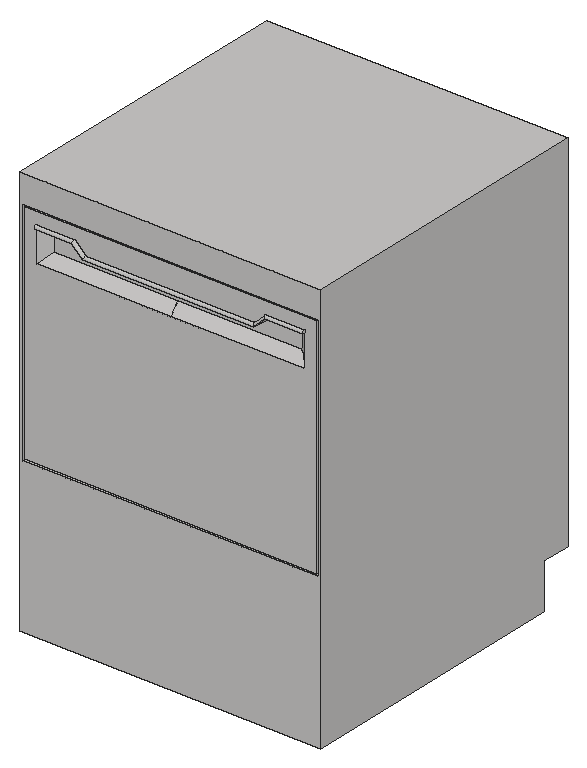
Revit family "QF_ELECTROLUXPROFESSIONAL_502743_DW6-38", category Specialty Equipment, Revit 2018
Family settings
  Round Connector Dimension = Use Diameter
  Part Type = Normal
  Work Plane-Based = No
  Always vertical = Yes
  Cut with Voids When Loaded = No
  Shared = No
  Room Calculation Point = No
Parameters (values of type "Standard")
  Weight = 68.00 kg
  Watts = 0 W
  Volts = 400 V
  URL Manufacturer = "http://professional.electrolux.com"
  URL = "http://professional.electrolux.com"
  Steam Supply Size = 0 mm
  Steam Supply Minimum Pressure = 0.0 Pa
  Steam Supply Maximum Pressure = 0.0 Pa
  Steam Pounds per Hour = 0
  Show Logo [instance] = yes
  Show Clearance [instance] = yes
  Refrigeration Suction Line Size = 0 mm
  Refrigeration Liquid Line Size = 0 mm
  Refrigerant Compressor Remote = yes
  Manufacturer = "Electrolux Professional"
  Phase = 3
  Model = "DW6-38"
  Length Actual = 600 mm  # constant formula
  Item Number = "502743"
  Hot Water Size = 19.05 mm
  Height Actual = 820 mm  # constant formula
  HP = "7.2 HP"
  Gas Size = 0 mm
  Gas KW = 0
  Gas Input Pressure = 0 W
  Direct Waste Size = 20.5 mm
  Description = "UNDERCOUNTER(L), WASH-SAFE, DOUBLE SKIN, 3PH, DP, DD, 720D/H"
  Depth Actual = 615 mm  # constant formula
  Cycle = 50 Hz
  Condensate Return Size = 0 mm
  Compressed Air Volume = 0.0 L/s
  Compressed Air Size = 0 mm
  Compressed Air Pressure = 0.0 Pa
  Cold Water Size = 0 mm
  Accessory = yes
Reference planes
  plane 1 "Center (Front/Back)": y = 0
  plane 2: z = 0
  plane 3 "Center (Left/Right)": x = 0
  plane 4 "LEFT": x = -300
  plane 5 "RIGHT": x = 300
  plane 6 "FRONT": y = -307.5
  plane 7 "BACK": y = 307.5
  plane 8: z = 830
  plane 9: z = 10
  plane 10: y = 268.5
Forms (mm)
  Extrusion 1, solid, material "QF_Finishes_Stainless Steel"
    sketch origin (0, 0, 0) x (1, 0, 0) y (0, 1, 0)
      loop
        line (-300, -307.5) -> (300, -307.5) -> (300, 249.5) -> (-300, 249.5) -> (-300, -307.5)
    from 10 to 830
  Extrusion 2, solid, material "QF_Finishes_Stainless Steel"
    sketch origin (0, 0, 0) x (1, 0, 0) y (0, 1, 0)
      loop
        line (-300, 249.5) -> (300, 249.5) -> (300, 307.5) -> (-300, 307.5) -> (-300, 249.5)
    from 100 to 830
  Extrusion 3, solid, material "QF_Finishes_Stainless Steel"
    sketch origin (0, 0, 0) x (1, 0, 0) y (0, 1, 0)
      loop
        circle (-254, 193.5) r 12.5
      loop
        circle (254, 193.5) r 12.5
      loop
        circle (-254, -237.5) r 12.5
      loop
        circle (254, -237.5) r 12.5
    from 0 to 10
  Extrusion 4, void
    sketch origin (-300, -307.5, 0) x (-1, 0, 0) y (0, 0, 1)
      loop
        line (-5, 773.217) -> (-595, 773.217) -> (-595, 315.188) -> (-5, 315.188) -> (-5, 773.217)
    from 0 to 30
  Extrusion 5, solid, material "QF_Finishes_Stainless Steel"
    sketch origin (-274, -411, 733) x (0, 0, -1) y (1, 0, 0)
      loop
        circle (693, 143) r 10
    from -660.5 to -718.5
  Extrusion 6, solid, material "QF_Door-Drawer Clearances", visible <- "Show Clearance", detail levels coarse
    sketch origin (-230, -282.5, 0) x (0, 1, 0) y (0, 0, -1)
      loop
        line (-25, -319.312) -> (-397, -319.312)
        arc (-397, -319.312) -> (-298.139, -616.581) -> (-25, -770) r 434.302
        line (-25, -770) -> (-25, -319.312)
    from 61.225 to -521.647
  Extrusion 7, solid, material "QF_Finishes_Stainless Steel"
    sketch origin (-331.481, -411, 703) x (0, 0, -1) y (1, 0, 0)
      loop
        circle (663, 252.481) r 8
    from -660.5 to -718.5
  Extrusion 8, solid, material "QF_Finishes_Stainless Steel"
    sketch origin (-230, -282.5, 0) x (0, 1, 0) y (0, 0, -1)
      loop
        line (-25, -319.312) -> (-25, -770) -> (0, -770) -> (0, -319.312) -> (-25, -319.312)
    from 61.225 to -521.647
  Extrusion 9, solid, material "QF_Finishes_Stainless Steel"
    sketch origin (-301, 942.75, 760.5) x (0, -1, 0) y (1, 0, 0)
      loop
        circle (663, 158) r 8
    from -660.5 to -670.5
  Blend 10, void
    base sketch origin (-230, -307.5, 770) x (0, 0, -1) y (1, 0, 0)
      loop
        line (93.563, -37.311) -> (93.563, 230) -> (93.563, 497.311) -> (28.563, 497.311) -> (28.563, 422.311) -> (49.776, 401.098) -> (49.776, 230) -> (49.776, 58.902) -> (28.563, 37.689) -> (28.563, -37.311) -> (93.563, -37.311)
    top sketch origin (-230, -307.5, 770) x (0, 0, -1) y (1, 0, 0)
      loop
        line (73.563, -17.311) -> (73.563, 230) -> (73.563, 477.311) -> (31.063, 477.311) -> (31.063, 422.311) -> (52.276, 401.098) -> (52.276, 58.902) -> (31.063, 37.689) -> (31.063, -17.311) -> (73.563, -17.311)
    from 0 to -19.433
  Sweep 11, solid, material "QF_Finishes_Stainless Steel"
    path origin (-230, -307.5, 770) x (0, 0, -1) y (1, 0, 0)
      loop
        line (28.563, -37.311) -> (28.563, 37.689) -> (49.776, 58.902) -> (49.776, 401.098) -> (28.563, 422.311) -> (28.563, 497.311)
    profile origin (-229.811, -307.5, 741.437) x (0, 0, 1) y (0, -1, 0)
      loop
        line (0, 0) -> (5, 0)
        arc (5, 0) -> (3.536, 3.536) -> (0, 5) r 5
        arc (0, 5) -> (-0.037, 0.962) -> (-0.394, -3.06) r 51.04
        line (-0.394, -3.06) -> (0, 0)
Cuts and joins
  Extrusion 4 cuts Extrusion 1
  joined: Extrusion 1, Extrusion 2
  Blend 10 cuts Extrusion 8
Lines and regions (mm)
  Split face 1
    outline origin (-300, -307.5, 830) x (0, 0, -1) y (1, 0, 0)
      loop
        line (56.783, 5) -> (56.783, 0)
      loop
        line (56.783, 595) -> (56.783, 600)
      loop
        line (37.034, 600) -> (37.034, 514.297)
        arc (37.034, 514.297) -> (37.64, 511.25) -> (39.366, 508.667) r 7.962
        line (39.366, 508.667) -> (44.289, 503.744)
        arc (44.289, 503.744) -> (46.135, 500.982) -> (46.783, 497.723) r 8.515
        line (46.783, 497.723) -> (46.783, 87.277)
        arc (46.783, 87.277) -> (46.135, 84.018) -> (44.289, 81.256) r 8.515
        line (44.289, 81.256) -> (39.366, 76.333)
        arc (39.366, 76.333) -> (37.64, 73.75) -> (37.034, 70.703) r 7.962
        line (37.034, 70.703) -> (37.034, 0)
  Split face 2
    outline origin (-300, -307.5, 830) x (0, 0, -1) y (1, 0, 0)
      loop
        line (13.15, 274.82) -> (37.034, 274.82) -> (37.034, 325.18) -> (13.15, 325.18) -> (13.15, 274.82)
  symbolic lines
    curve 1: line (-300, 307.5, 0) -> (300, 307.5, 0)
    curve 2: line (-300, -307.5, 0) -> (-300, 307.5, 0)
    curve 3: line (300, -307.5, 0) -> (-300, -307.5, 0)
    curve 4: line (300, 307.5, 0) -> (300, -307.5, 0)
  symbolic lines, style "QF_Door-Drawer Clearances"
    curve 5: line (-291.225, -679.5, 0) -> (291.647, -679.5, 0)
    curve 6: line (291.647, -679.5, 0) -> (291.647, -307.5, 0)
    curve 7: line (-291.225, -679.5, 0) -> (-291.225, -307.5, 0)
  symbolic lines, style "SpecialityEquipmentHiddenLines"
    curve 8: line (-300, 249.5, 0) -> (300, 249.5, 0)
Dimensions and locks
  equal spacing: plane 4 "LEFT", plane 3 "Center (Left/Right)", plane 5 "RIGHT"
  equal spacing: plane 7 "BACK", plane 1 "Center (Front/Back)", plane 6 "FRONT"
  plane 7 "BACK" to plane 6 "FRONT" = 615 mm
  plane 4 "LEFT" to plane 5 "RIGHT" = 600 mm
  locked: plane 9 to level at 10
  plane 4 "LEFT" to plane 3 "Center (Left/Right)" = 300 mm
  plane 8 to level = 830 mm  (x2)
  Extrusion 9 sketch curve to plane 4 "LEFT" = 157 mm
  level to Extrusion 5 sketch curve = 40 mm
  Extrusion 5 sketch curve to plane 4 "LEFT" = 169 mm
  Extrusion 7 sketch curve to plane 4 "LEFT" = 221 mm
  level to Extrusion 7 sketch curve = 40 mm
  Extrusion 3 to cut or joined group of Extrusion 1, Extrusion 2, Extrusion 4 = 114 mm
  Extrusion 3 to Extrusion 3 = 431 mm
  plane 6 "FRONT" to Extrusion 3 = 70 mm
  plane 1 "Center (Front/Back)" to plane 6 "FRONT" = 307.5 mm
  locked: plane 7 "BACK" to plane 10 at 39
  plane 7 "BACK" to curve 5 = 987 mm
  Extrusion 8 to cut or joined group of Extrusion 1, Extrusion 2, Extrusion 4 = 454.812 mm
  aligned and locked: level to plane 2
  aligned and locked: Extrusion 1 sketch curve to plane 6 "FRONT"
  aligned and locked: Extrusion 1 sketch curve to plane 4 "LEFT"
  aligned and locked: plane 5 "RIGHT" to Extrusion 1 sketch curve
  aligned and locked: Extrusion 1 to plane 9
  aligned and locked: Extrusion 2 sketch curve to Extrusion 1
  aligned and locked: plane 7 "BACK" to Extrusion 2 sketch curve
  aligned and locked: plane 5 "RIGHT" to Extrusion 2 sketch curve
  aligned and locked: plane 9 to Extrusion 3
Automatic sketch dimensions
  Extrusion 1 sketch curve to plane 10 = 19 mm
  Extrusion 2 sketch curve to plane 10 = 19 mm
  plane 4 "LEFT" to Extrusion 3 sketch curve = 46 mm  (x2)
  Extrusion 3 sketch curve to plane 5 "RIGHT" = 46 mm  (x2)
  plane 6 "FRONT" to Extrusion 3 sketch curve = 70 mm  (x2)
  Extrusion 3 sketch curve to plane 10 = 75 mm  (x2)
  Extrusion 4 sketch curve to Extrusion 1 = 5 mm  (x2)
  Extrusion 4 sketch curve to Extrusion 1 = 305.188 mm
  Extrusion 4 sketch curve to Extrusion 1 = 56.783 mm
  Extrusion 8 sketch curve to plane 6 "FRONT" = 0 mm
  Extrusion 8 sketch curve to Extrusion 8 sketch curve = 25 mm
  Extrusion 8 sketch curve to plane 8 = 60 mm
  plane 9 to Extrusion 8 sketch curve = 309.312 mm
  cut or joined group of Extrusion 1, Extrusion 2, Extrusion 4 to Split face 1 sketch curve = 0 mm  (x2)
  Split face 1 sketch curve to cut or joined group of Extrusion 1, Extrusion 2, Extrusion 4 = 0 mm  (x6)
  cut or joined group of Extrusion 1, Extrusion 2, Extrusion 4 to Split face 1 sketch curve = 10 mm
  Split face 1 sketch curve to Split face 1 sketch curve = 2.494 mm  (x2)
  Split face 1 sketch curve to Split face 1 sketch curve = 8.515 mm  (x2)
  cut or joined group of Extrusion 1, Extrusion 2, Extrusion 4 to Split face 1 sketch curve = 11.786 mm  (x2)
  Split face 1 sketch curve to Split face 1 sketch curve = 5.63 mm  (x2)
  Split face 1 sketch curve to Split face 1 sketch curve = 2.332 mm  (x2)
  Split face 1 sketch curve to cut or joined group of Extrusion 1, Extrusion 2, Extrusion 4 = 65.703 mm
  Split face 1 sketch curve to Split face 1 sketch curve = 4.923 mm  (x2)
  Split face 1 sketch curve to cut or joined group of Extrusion 1, Extrusion 2, Extrusion 4 = 97.277 mm
  Split face 2 sketch curve to cut or joined group of Extrusion 1, Extrusion 2, Extrusion 4 = 13.15 mm
  cut or joined group of Extrusion 1, Extrusion 2, Extrusion 4 to Split face 2 sketch curve = 19.749 mm
  Split face 2 sketch curve to cut or joined group of Extrusion 1, Extrusion 2, Extrusion 4 = 269.82 mm
  Split face 2 sketch curve to Split face 2 sketch curve = 50.359 mm
  curve 1 to plane 4 "LEFT" = 0 mm
  curve 7 to plane 6 "FRONT" = 0 mm
  curve 4 to plane 5 "RIGHT" = 0 mm
  curve 8 to plane 10 = 19 mm
  curve 2 to plane 7 "BACK" = 0 mm
  plane 4 "LEFT" to curve 5 = 8.775 mm
  curve 6 to plane 5 "RIGHT" = 8.353 mm
  Extrusion 6 sketch curve to plane 6 "FRONT" = 0 mm
  plane 6 "FRONT" to Extrusion 6 sketch curve = 61.803 mm
  plane 9 to Extrusion 6 sketch curve = 330.118 mm
  Extrusion 6 sketch curve to Extrusion 6 sketch curve = 20.806 mm
  Extrusion 6 sketch curve to plane 6 "FRONT" = 372 mm
  Blend 10 sketch curve to Extrusion 8 = 28.563 mm  (x2)
  Blend 10 sketch curve to Extrusion 8 = 49.776 mm
  Blend 10 sketch curve to Blend 10 sketch curve = 65 mm
  Extrusion 8 to Blend 10 sketch curve = 23.913 mm
  Blend 10 sketch curve to Blend 10 sketch curve = 75 mm  (x2)
  Blend 10 sketch curve to Blend 10 sketch curve = 21.213 mm  (x5)
  Blend 10 sketch curve to Blend 10 sketch curve = 171.098 mm  (x2)
  Blend 10 sketch curve to Blend 10 sketch curve = 0 mm
  Extrusion 8 to Blend 10 sketch curve = 120.549 mm
  Extrusion 8 to Blend 10 sketch curve = 99.335 mm
  Extrusion 8 to Blend 10 sketch curve = 43.913 mm
  Blend 10 sketch curve to Blend 10 sketch curve = 42.5 mm
  Extrusion 8 to Blend 10 sketch curve = 44.335 mm
  Blend 10 sketch curve to Blend 10 sketch curve = 55 mm  (x2)
  Blend 10 sketch curve to Extrusion 8 = 31.063 mm
  Extrusion 8 to Sweep 11 sketch curve = 98.913 mm
  Sweep 11 sketch curve to Sweep 11 sketch curve = 21.213 mm  (x4)
  Extrusion 8 to Sweep 11 sketch curve = 23.913 mm
  Sweep 11 sketch curve to Extrusion 8 = 28.563 mm
  Extrusion 8 to Sweep 11 sketch curve = 99.335 mm
  Extrusion 8 to Sweep 11 sketch curve = 24.335 mm
  profile plane to Sweep 11 sketch curve = 0 mm  (x2)
  Sweep 11 sketch curve to profile plane = 0 mm
  profile plane to Sweep 11 sketch curve = 3.452 mm
  Sweep 11 sketch curve to Sweep 11 sketch curve = 5 mm
  profile plane to Sweep 11 sketch curve = 0.394 mm
  Sweep 11 sketch curve to profile plane = 3.06 mm
  plane 10 to Extrusion 9 sketch curve = 11.25 mm
  radius of Extrusion 3 sketch curve = 12.5 mm  (x4)
  radius of Extrusion 5 sketch curve = 10 mm
  radius of Extrusion 7 sketch curve = 8 mm
  radius of Extrusion 9 sketch curve = 8 mm
Connectors
  piping at (-131, 307.5, 40), diameter 20
    settings: on Extrusion 5, index 1, connector inside diameter 609.6 mm, connector length 0 mm, flow factor 0, pipe flow 0.0 L/s, pressure drop 0.0 Pa, fitting loss kfactor 0, connector angle 0.00°, fixture units 0, engagement length 0 mm, angle of deflection 0.00°, flow configuration 1, flow direction 1, fitting loss method 0, system type 16, joint type 0, gender type 0, connector reference index -1, connector utility 0, adjustable connector no, is connector primary yes, connector description "Drain"
  piping at (-79, 307.5, 40), diameter 16
    settings: on Extrusion 7, index 3, connector inside diameter 609.6 mm, connector length 0 mm, flow factor 0, pipe flow 0.0 L/s, pressure drop 0.0 Pa, fitting loss kfactor 0, connector angle 0.00°, fixture units 0, engagement length 0 mm, angle of deflection 0.00°, flow configuration 1, flow direction 1, fitting loss method 0, system type 20, joint type 0, gender type 0, connector reference index -1, connector utility 0, adjustable connector no, is connector primary no, connector description "Cold Water Inlet"
  electrical at (-143, 279.75, 90), driven by "Volts"
    settings: on Extrusion 9, index 4, voltage 400 V, apparent load 0 VA, apparent load phase1 0 VA, apparent load phase2 0 VA, apparent load phase3 0 VA, power factor 1, load classification "Altro", number of poles 1, system type 31, power factor state 1, is connector primary yes, connector utility no, sub classification motor no, connector description "Electrical Connection"
